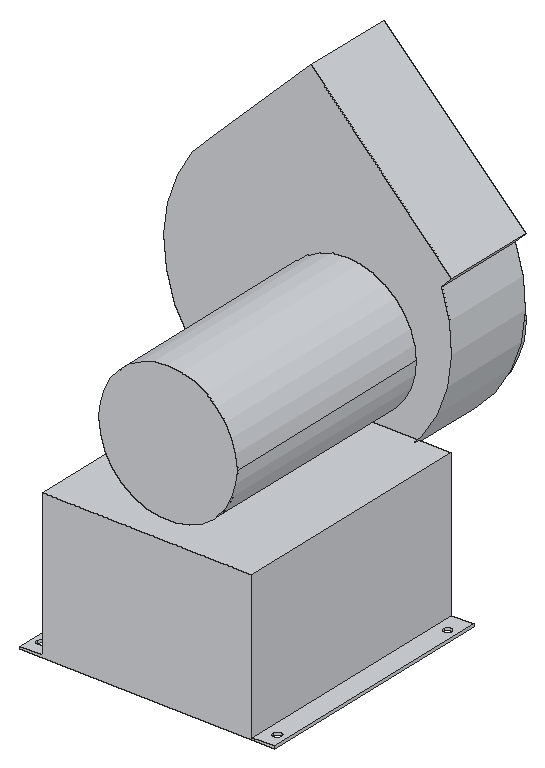
Revit family "CPFD_CW_TAU", category Mechanical Equipment, Revit 2019
Family settings
  Round Connector Dimension = Use Radius
  Part Type = Normal
  Work Plane-Based = No
  Always vertical = Yes
  Cut with Voids When Loaded = No
  Shared = No
  Room Calculation Point = No
Parameters (values of type "12_CPFD_CW_TAU")
  Unit Weight [instance] = ""
  T_SQ/2 = T_SQ / 2  # 1' - 4"
  T_SQ = 2' - 8"
  Sones [instance] = ""
  SPACE = 0' - 3 1/2"
  S = 0' - 5 11/16"
  R = 1' - 3 3/16"
  Q = 0' - 2 1/2"
  P/6 = P / 6  # 0' - 2.08333"
  P/2 = P / 2  # 0' - 6 1/4"
  P = 1' - 0 1/2"
  N/2 = N / 2  # 0' - 0 9/32"
  N = 0' - 0 9/16"
  Motor RPM [instance] = ""
  Motor Enclosure [instance] = ""
  ModelID [instance] = ""
  M = 0' - 4 5/8"
  LwA [instance] = ""
  L = 0' - 9 7/8"
  K = 0' - 1"
  J = 1' - 2 1/4"
  H/2 = H / 2  # 0' - 7 7/8"
  H-1.5" = H - 0' 1 1/2"  # 1' - 2 1/4"
  H = 1' - 3 3/4"
  G-Q = 0' - 5 49/128"
  G-1" = G - 0' 1"  # 0' - 6 1/16"
  G = 0' - 7 1/16"
  Fan RPM [instance] = ""
  F+1.25" = -(F + 0' 1 1/4")  # -0' - 7 1/8"
  F+.25" = -(F + 0' 0 1/4")  # -0' - 6 1/8"
  F = 0' - 5 7/8"
  E+.25" = E + 0' 0 1/4"  # 1' - 1 5/8"
  E = 1' - 1 3/8"
  D-S = D - S  # 0' - 8 11/16"
  D+R = D + R  # 2' - 5 9/16"
  D = 1' - 2 3/8"
  C/2 = C / 2  # 1' - 2 7/8"
  C = 2' - 5 3/4"
  B/2 = B / 2  # 0' - 11 3/8"
  B-F-2" = B - F - 0' 2"  # 1' - 2 7/8"
  B-F-.25" = B - F - 0' 0 1/4"  # 1' - 4 5/8"
  B = 1' - 10 3/4"
  Accessories [instance] = ""
  A/2 = A / 2  # 0' - 8 1/2"
  A = 1' - 5"
  45_ = 45.00°  # constant formula
  45 = 135.00° + 180.00°  # 315.00°
  3" = 0' - 3"  # constant formula
  Brake Hp [instance] = ""
  4" = 0' - 4"  # constant formula
  2' = 2' - 0"
  2" = 0' - 2"  # constant formula
  1" = 0' - 1"  # constant formula
  0 = 0' - 0"  # constant formula
  Voltage [instance] = 0 V
  URL = "www.lorencook.com"
  Type Comments = "Forward Curved Centrifugal Blower Direct Drive Clockwise Top Angular Up Arrangement 4"  # constant formula
  Static Pressure [instance] = 0.00 in-wg
  Power [instance] = Voltage * Motor FLA * sqrt(if(Phase = 3, 3, 1))  # 0 VA
  Phase [instance] = 0
  Number of Poles [instance] = 1
  Motor Hp [instance] = "0"
  Motor FLA [instance] = 0 A
  Model = "CPFD_CW_TAU"  # constant formula
  Manufacturer = "Loren Cook Company"
  CFM [instance] = 0 CFM
  1.5 = 0' - 1 1/2"  # constant formula
  ONE EIGTH = 0' - 0 1/8"  # constant formula
  (P/2)-.125" = (P / 2) - 0' 0 1/8"  # 0' - 6 1/8"
Types (6): name | SPACE | S | R | Q | P/6 | P/2 | P | N/2 | N | M | L | J | H/2 | H-1.5" | H | G-1" | G | F+1.25" | F+.25" | F | E+.25" | E | D-S | D+R | D | C/2 | C | B/2 | B-F-2" | B-F-.25" | B | A/2 | A | (P/2)-.125"
  (no name) | 0' - 3 1/2" | 0' - 5 11/16" | 1' - 3 3/16" | 0' - 2 1/2" | 0' - 2.08333" | 0' - 6 1/4" | 1' - 0 1/2" | 0' - 0 9/32" | 0' - 0 9/16" | 0' - 4 5/8" | 0' - 9 7/8" | 1' - 2 1/4" | 0' - 7 7/8" | 1' - 2 1/4" | 1' - 3 3/4" | 0' - 6 1/16" | 0' - 7 1/16" | -0' - 7 1/8" | -0' - 6 1/8" | 0' - 5 7/8" | 1' - 1 5/8" | 1' - 1 3/8" | 0' - 8 11/16" | 2' - 5 9/16" | 1' - 2 3/8" | 1' - 2 7/8" | 2' - 5 3/4" | 0' - 11 3/8" | 1' - 2 7/8" | 1' - 4 5/8" | 1' - 10 3/4" | 0' - 8 1/2" | 1' - 5" | 0' - 6 1/8"
  6_CPFD_CW_TAU | 0' - 1 1/2" | 0' - 3 11/16" | 0' - 9 3/8" | 0' - 1 1/4" | 0' - 1.16667" | 0' - 3 1/2" | 0' - 7" | 0' - 0 7/32" | 0' - 0 7/16" | 0' - 3 5/8" | 0' - 4 5/8" | 0' - 10 3/4" | 0' - 6 1/4" | 0' - 11" | 1' - 0 1/2" | 0' - 3 3/8" | 0' - 4 3/8" | -0' - 5 7/8" | -0' - 4 7/8" | 0' - 4 5/8" | 0' - 8 1/8" | 0' - 7 7/8" | 0' - 4 7/16" | 1' - 5 1/2" | 0' - 8 1/8" | 0' - 8 13/16" | 1' - 5 5/8" | 0' - 9 1/4" | 0' - 11 7/8" | 1' - 1 5/8" | 1' - 6 1/2" | 0' - 6 3/4" | 1' - 1 1/2" | 0' - 3 3/8"
  7_CPFD_CW_TAU | 0' - 1 1/2" | 0' - 3 7/8" | 0' - 9 7/8" | 0' - 1 1/4" | 0' - 1.16667" | 0' - 3 1/2" | 0' - 7" | 0' - 0 7/32" | 0' - 0 7/16" | 0' - 3 5/8" | 0' - 7 1/8" | 1' - 0 1/4" | 0' - 6 1/4" | 0' - 11" | 1' - 0 1/2" | 0' - 3 3/4" | 0' - 4 3/4" | -0' - 6 5/8" | -0' - 5 5/8" | 0' - 5 3/8" | 0' - 8 5/8" | 0' - 8 3/8" | 0' - 6 3/4" | 1' - 8 1/2" | 0' - 10 5/8" | 0' - 10 5/16" | 1' - 8 5/8" | 0' - 10 1/8" | 1' - 0 7/8" | 1' - 2 5/8" | 1' - 8 1/4" | 0' - 6 3/4" | 1' - 1 1/2" | 0' - 3 3/8"
  9_CPFD_CW_TAU | 0' - 2" | 0' - 4 3/8" | 0' - 11 1/2" | 0' - 1 9/16" | 0' - 1 1/2" | 0' - 4 1/2" | 0' - 9" | 0' - 0 9/32" | 0' - 0 9/16" | 0' - 4 5/8" | 0' - 7 5/8" | 1' - 1 3/4" | 0' - 6 3/8" | 0' - 11 1/4" | 1' - 0 3/4" | 0' - 4 1/2" | 0' - 5 1/2" | -0' - 7 1/8" | -0' - 6 1/8" | 0' - 5 7/8" | 0' - 10 1/8" | 0' - 9 7/8" | 0' - 6 3/4" | 1' - 10 5/8" | 0' - 11 1/8" | 0' - 11 3/8" | 1' - 10 3/4" | 0' - 10 7/8" | 1' - 1 7/8" | 1' - 3 5/8" | 1' - 9 3/4" | 0' - 7" | 1' - 2" | 0' - 4 3/8"
  10_CPFD_CW_TAU | 0' - 1 1/2" | 0' - 4 15/16" | 1' - 1 1/16" | 0' - 1 3/4" | 0' - 1 1/2" | 0' - 4 1/2" | 0' - 9" | 0' - 0 9/32" | 0' - 0 9/16" | 0' - 4 5/8" | 0' - 9 7/8" | 1' - 1 3/4" | 0' - 7 1/8" | 1' - 0 3/4" | 1' - 2 1/4" | 0' - 5 7/16" | 0' - 6 7/16" | -0' - 7 5/8" | -0' - 6 5/8" | 0' - 6 3/8" | 0' - 11 5/8" | 0' - 11 3/8" | 0' - 9 7/16" | 2' - 3 7/16" | 1' - 2 3/8" | 1' - 1 25/32" | 2' - 3 9/16" | 0' - 11 1/8" | 1' - 1 7/8" | 1' - 3 5/8" | 1' - 10 1/4" | 0' - 7 3/4" | 1' - 3 1/2" | 0' - 4 3/8"
  12_CPFD_CW_TAU | 0' - 3 1/2" | 0' - 5 11/16" | 1' - 3 3/16" | 0' - 2 1/2" | 0' - 2.08333" | 0' - 6 1/4" | 1' - 0 1/2" | 0' - 0 9/32" | 0' - 0 9/16" | 0' - 4 5/8" | 0' - 9 7/8" | 1' - 2 1/4" | 0' - 7 7/8" | 1' - 2 1/4" | 1' - 3 3/4" | 0' - 6 1/16" | 0' - 7 1/16" | -0' - 7 1/8" | -0' - 6 1/8" | 0' - 5 7/8" | 1' - 1 5/8" | 1' - 1 3/8" | 0' - 8 11/16" | 2' - 5 9/16" | 1' - 2 3/8" | 1' - 2 7/8" | 2' - 5 3/4" | 0' - 11 3/8" | 1' - 2 7/8" | 1' - 4 5/8" | 1' - 10 3/4" | 0' - 8 1/2" | 1' - 5" | 0' - 6 1/8"
Reference planes (in)
  plane 1 "Center (Front/Back)": y = 0
  plane 2: z = 0
  plane 3 "Center (Left/Right)": x = 0.40541
Forms (in)
  Extrusion 1, solid
    sketch origin (0, 0, 0) x (1, 0, 0) y (0, 0, 1)
      loop
        line (-8.09459, 0) -> (8.90541, 0) -> (8.90541, 0.125) -> (7.40541, 0.125) -> (7.40541, 9.875) -> (-6.59459, 9.875) -> (-6.59459, 0.125) -> (-8.09459, 0.125) -> (-8.09459, 0)
    from 0 to 16.625 <- "B-F-.25""
  Extrusion 2, solid
    sketch origin (0, 0, 0) x (1, 0, 0) y (0, 0, 1)
      loop
        circle (0.40541, 14.5) r 4.625
    from 0 to 14.875 <- "B-F-2""
  Extrusion 3, solid
    sketch origin (0, 0, 0) x (1, 0, 0) y (0, 0, 1)
      loop
        circle (0.40541, 14.375) r 6.25
      loop
        circle (0.40541, 14.375) r 6.125
    from -7.125 <- "F+1.25"" to -6.125 <- "F+.25""
  Extrusion 4, void
    sketch origin (0, 0, 0) x (1, 0, 0) y (0, 1, 0)
      loop
        circle (-7.46959, -15.625) r 0.28125
      loop
        circle (-7.46959, -1.375) r 0.28125
      loop
        circle (8.28041, -15.625) r 0.28125
      loop
        circle (8.28041, -1.375) r 0.28125
    from 0 to 0.125
  Extrusion 5, solid
    sketch origin (0, 0, 0) x (1, 0, 0) y (0, 0, 1)
      loop
        line (7.46791, 20.29245) -> (-1.98964, 29.75) -> (-8.47961, 23.26003)
        arc (-8.47961, 23.26003) -> (-4.42298, 6.64307) -> (6.76081, 19.58534) r 9.62233
        line (6.76081, 19.58534) -> (7.46791, 20.29245)
    from 0 to -6.125 <- "F+.25""
  Revolve 6, void
    sketch origin (0.40541, 0, 0) x (0, 1, 0) y (0, 0, 1)
      loop
        arc (6.125, 20.5) -> (5.51481, 19.02686) -> (4.04167, 18.41667) r 2.08333
        line (4.04167, 18.41667) -> (4.04167, 14.375) -> (6.125, 14.375) -> (6.125, 20.5)
      axis (4.04167, 14.375) -> (6.125, 14.375)
    angle from 0 to 360
Cuts and joins
  Extrusion 4 cuts Extrusion 1
  Revolve 6 cuts Extrusion 3
  Revolve 6 cuts Extrusion 5
Lines and regions (in)
  model lines
    curve 1: line (0.40541, 0, 14.375) -> (-6.41946, 0, 21.19987)
Dimensions and locks (in)
  "A/2": plane 3 "Center (Left/Right)" to Extrusion 1 sketch curve
  "A/2": Extrusion 1 sketch curve to plane 3 "Center (Left/Right)"
  "1.5": Extrusion 1 sketch curve to Extrusion 1 sketch curve  (x2)
  "L": Extrusion 1 sketch curve to level
  "ONE EIGTH": Extrusion 1 sketch curve to Extrusion 1 sketch curve  (x2)
  "0": Extrusion 2 sketch curve to Extrusion 1
  "0": Extrusion 2 sketch curve to plane 3 "Center (Left/Right)"
  "M": Extrusion 2 sketch curve to Extrusion 1
  "0": Extrusion 3 sketch curve to plane 3 "Center (Left/Right)"  (x2)
  "K": Extrusion 1 to Extrusion 4 sketch curve  (x2)
  "J": Extrusion 4 sketch curve to Extrusion 4 sketch curve  (x2)
  "H/2": Extrusion 4 sketch curve to plane 3 "Center (Left/Right)"  (x4)
  locked: Extrusion 3 sketch curve to Extrusion 3 sketch curve
  "D": Extrusion 3 sketch curve to level
  "D": level to curve 1
  "0": curve 1 to Extrusion 5 sketch curve
  "C": level to Extrusion 5 sketch curve
  "1"": Extrusion 5 sketch curve to Extrusion 5 sketch curve
  "G": Extrusion 5 sketch curve to plane 3 "Center (Left/Right)"
  "E": Extrusion 5 sketch curve to Extrusion 5 sketch curve
  "SPACE": Extrusion 5 sketch curve to cut or joined group of Extrusion 1, Extrusion 4
  "D": Revolve 6 sketch curve to level
  "0": Revolve 6 sketch curve to Revolve 6 sketch curve
  "(P/2)-.125"": Revolve 6 sketch curve to Revolve 6 sketch curve
  "P/6": Extrusion 5 to Revolve 6 sketch curve
  "0": Revolve 6 sketch curve to Extrusion 5
  "P/2": radius of Extrusion 3 sketch curve
  "(P/2)-.125"": radius of Extrusion 3 sketch curve
  "N/2": radius of Extrusion 4 sketch curve  (x4)
  "45": angle curve 1 to level
  "45_": angle plane 3 "Center (Left/Right)" to Extrusion 5 sketch curve
Automatic sketch dimensions
  Extrusion 1 sketch curve to level = 0' - 0"
  curve 1 to plane 3 "Center (Left/Right)" = 0' - 0"
  Revolve 6 sketch curve to Revolve 6 sketch curve = 0' - 0"
  Revolve 6 sketch curve to Revolve 6 sketch curve = 0' - 3 3/4"
Connectors (in)
  electrical at (0.40541, -14.875, 14.5)
    settings: on Extrusion 2, index 1, voltage 0 V, apparent load 0 VA, apparent load phase1 0 VA, apparent load phase2 0 VA, apparent load phase3 0 VA, power factor 1, load classification "Other", number of poles 1, system type 30, power factor state 1, is connector primary yes, connector utility no, sub classification motor no, connector description ""
  hvac at (0.40541, 7.125, 14.375), driven by "P/2"
    settings: on Extrusion 3, index 4, duct flow 0 CFM, flow factor 0, pres drop 0.00 in-wg, loss coef 0, conn angle 0.00°, conn width 12", conn height 12", conn diameter 12 1/2", duct sys type 29, conn prof type 0, flow config 0, flow direction 1, loss method 0, conn ref index -1, conn util no, is conn primary yes, conn desc ""
  hvac at (2.73914, 3.0625, 25.02122), driven by "E", driven by "F"
    settings: on cut or joined group of Extrusion 5, Revolve 6, index 5, duct flow 0 CFM, flow factor 0, pres drop 0.00 in-wg, loss coef 0, conn angle 0.00°, conn width 5 7/8", conn height 13 3/8", conn diameter 24", duct sys type 29, conn prof type 1, flow config 0, flow direction 2, loss method 0, conn ref index -1, conn util no, is conn primary no, conn desc ""
